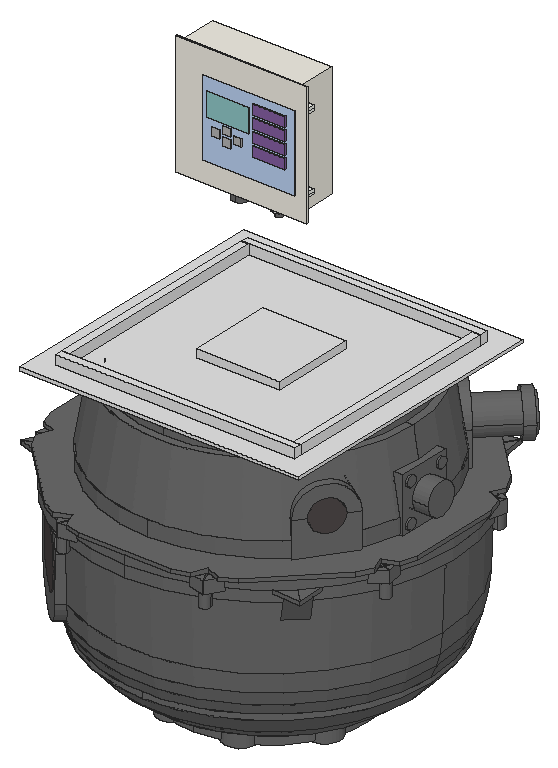
Revit family "280550x (200)", category Generic Models, Revit 2021
Family settings
  Can host rebar = No
  Round Connector Dimension = Use Diameter
  Part Type = Normal
  Work Plane-Based = No
  Always vertical = Yes
  Cut with Voids When Loaded = No
  Shared = Yes
  Room Calculation Point = No
Parameters (values of type "280550X")
  SUPPLIER = "KESSEL"
  SA700ID50 = "internal"
  SA700ID49 = "Protection Class I"
  SA700ID48 = "no"
  SA700ID47 = "no"
  SA700ID46 = "yes"
  SA700ID37 = 8000 mm
  SA700ID34 = 12
  SA700ID33 = 0.5 W
  SA700ID32 = 16.86 kg
  SA700ID31 = 1
  SA700ID30 = 1
  SA700ID29 = "RWDR"
  SA700ID21 = 800
  SA700ID10 = "No"
  SA700ID08 = 230 V
  PROCUREWEBLINK = "https://p.caden.as/kessel/280550X"
  PROCURELINK = "p.caden.as/kessel/280550X"
  PROCUREDATALASTUPDATE = "2024-05-22T12:17:24.687223417+01:00"
  PRC_SPECIFICATIONLINK = "https://ausschreiben.de/catalog/kessel/catalogItem/c423d403-c8be-41f1-af6b-9a60d9417f8c"
  NN = "Lifting station Aqualift S compact"
  NBSYN = "$SA810ID03. ($LODLEVEL.)"
  NB = "280550X (200)"
  Model = "280550X"
  Manufacturer = "KESSEL"
  MIdent = "{$CADENAS_DATA/23d-libs/kessel/kessel_vdi_import/4/entwaesserung/hebeanlage20aqualift20s20compact.prj},216 {STYP=ASS},{VTYP=3D},{NB=280550X (200)},{LINA=280550X},{NN=Lifting station Aqualift S compact},{DATE=21.11.2022 10:40:35},{GEOMDATE=21.11.2022 10:40:35},{VERSION=},{LINEID=150},{WBVAR=LODLEVEL},{WBNUMERIC=LODLEVEL}  {NB=280550X (200)},{LINA=280550X},{KT=DUMMY},{PREVIEW=../../bilder/ksb_w_280550x.png},{SA700ID04=Hebeanlage Aqualift S Compact, Tronic, GTF 500, Bodenplatte, befliesbar},{SA810ID06=04026092082638},{SA700ID34=12.00},{SA010ID03=201805},{SA810ID03=280550X},{SA810ID10=Die steckerfertige Hebeanlage für fäkalienfreies Abwasser ist mit einer überflutbaren Pumpe sowie einem Rückflussverhinderer ausgestattet. Der Sammelbehälter aus dauerhaft beständigem Kunststoff (PE) besitzt einen offenen Pumpenraum. Einhandverschlüsse ermöglichen die einfache Entnahme der integrierten Komponenten. Die Anlage zum Einbau in die Bodenplatte ist vormontiert zur bauseitigen Endmontage.Die Steuerung erfolgt durch ein anwenderfreundliches Schaltgerät, das optional über einen potentialfreien Kontakt in die Gebäudeleittechnik eingebunden werden oder Alarm- und Sammelstörmeldungen über eine GSM-Schnittstelle ausgeben kann.- mit teleskopischem Aufsatzstück für stufenlosen Höhen- und Niveauausgleich und integriertem Bodenablauf- Sammelbehälter aus PE, beständig gegen aggressive Abwässer und 3 m Grundwasser- inklusive Rückflussverhinderer für die Druckleitung- inklusive Stutzen für Zulauf und Kabelleerrohr- Pumpe mit Freistromrad für höchste BetriebssicherheitAusführung:Anlagenart: EinzelanlagePumpensteuerung: SchaltgerätRückflussverhinderer: integriertAuslieferungszustand: installationsfertig (Verbindungsteile sind bauseits anzuschließen)Einbausituation: Einbau in die BodenplatteAbwasserart: fäkalienfreiAllgemeine Merkmale:Farbe: schwarzNorm: EN 12050-2Abmessungen:Länge: 617 mmBreite: 585 mmBehälter/Grundkörper:Zulauf Nennweite (DN): 100 mmDruckabgang (DN): 32 mmDruckabgang (DA): 40 mmEinbautiefe: 490 - 620 mmNutzvolumen: 20 lArt der Höhenverstellbarkeit: teleskopisches AufsatzstückAbdeckungsmerkmale:Abdeckungsart: befliesbare AbdeckplatteAbdeckung Material: KunststoffAbdeckung Farbe: silbergrauAblauffunktion: jaBodenbelaghöhe max.: 16 mmBelastungsklasse: K 3 (EN 1253-1)Länge: 366 mmBreite: 366 mmVerriegelung: Lock & LiftFreier Kugeldurchgang: 10 mmFördereinrichtung:Pumpe: GTF 500Anzahl Pumpen: 1Förderleistung max.: 10 m3/hFörderhöhe max.: 8 mBetriebsspannung: 230 VNetzfrequenz: 50 HzBetriebsart: S1Leistung P1: 0,6 kWLeistung P2: 0,36 kWDrehzahl: 2.800 U/minErforderliche Absicherung (Leitungsschutz): C 16 AFörderguttemperatur (dauerhaft) max.: 40 °CAnschlusstyp: codierter SteckerLaufrad Typ: FreistromradLänge Netzanschlussleitung Pumpe: 5 mNennstrom: 2,7 ASchutzart Pumpe: IP 68 (3m)Typ Anschlussleitung Pumpe: H07RN-F 3G 1,0 mm2Temperaturüberwachung: integriertSteuerung:Schaltgerät: ComfortBetriebsspannung: 230 VSelbstdiagnosesystem (SDS): jaBatteriepufferung: jaMehrzeilige Displayanzeige: jaLogbuchfunktion: jaUSB-Schnittstelle: jaGSM-Schnittstelle: jaPotentialfreier Kontakt: optionalSchutzart Schaltgerät: IP 54Länge Netzanschlussleitung Schaltgerät: 1,4 mArt Niveauerfassung: pneumatischInstrument Niveauerfassung: TauchrohrAlarmgeber: optische Sonde},{SA700ID37=8.00},{SA700ID33=0.50},{SA700ID08=230},{SA700ID30=1},{SA700ID32=16.86},{SA700ID49=Schutzklasse I},{SA700ID50=intern},{SA200ID03=6},{SA250ID03=vertikal},{SA260ID03=Trockenläuferpumpe},{SA350ID03=normalansaugend},{SA400ID03=E-Motor für Wechselstrom},{SA460ID03=direkt},{SA500ID03=Kunststoff, Edelstahl},{SA700ID06=32},{SA700ID07=100},{SA700ID09=1/N/PE 230V },{SA700ID10=Nein},{SA700ID11=50},{SA700ID12=IP 68},{SA700ID13=F},{SA700ID15=35},{SA700ID21=800.00},{SA700ID22=0.36},{SA700ID23=2800},{SA700ID24=2800},{SA700ID26=2.50},{SA700ID27=6.90},{SA700ID28=durchgehend},{SA700ID29=RWDR},{SA700ID31=1},{SA700ID46=ja},{SA700ID47=nein},{SA700ID48=nein},{SA110ID04=Hebeanlage Aqualift S Compact},{SA300ID03=einstufig},{SA700ID44=10.00},{SA700ID45=10.00},{SA010ID04=KESSEL AG},{LODLEVEL=200},{LINK=https://www.kessel.de/info?han=280550X},{SA970ID01=970},{SA970ID02=14063},{SA970ID03=280550X},{SA970ID04=11002617},{SA970ID05=QUAD},{SA970ID06=-326},{SA970ID07=-291.04},{SA970ID08=0},{SA970ID09=1},{SA970ID10=0},{SA970ID11=0},{SA970ID12=0},{SA970ID13=1},{SA970ID14=0},{SA970ID15=617.04},{SA970ID16=582.09},{SA970ID17=488.5},{LODLEVEL_=200,'Low'},{LODLEVEL_DEU=200,'Low'},{LINK_=https://www.kessel.de/info?han=280550X},{LINK_DEU=https://www.kessel.de/info?han=280550X},{LODLEVEL_3DB=280550X_200},{DNIN1=100},{DNIN2=125},{DNIN3=100},{DNIN4=100},{DNOUT1=70},{DNOUT2=32},{ISD1=60},{ISD2=10},{ISD3=10},{SA010ID01=010},{SA010ID02=4},{SA010ID06=www.kessel.de},{SA010ID07=www.kessel.de},{SA010ID12=20180713},{SA010ID13=DEU},{SA010ID14=DE},{SA100ID01=100},{SA100ID02=4},{SA100ID04=Entwässerung},{SA110ID01=110},{SA110ID02=30},{SA200ID01=200},{SA200ID02=6},{SA250ID01=250},{SA250ID02=2},{SA260ID01=260},{SA260ID02=2},{SA300ID01=300},{SA300ID02=1},{SA350ID01=350},{SA350ID02=1},{SA400ID01=400},{SA400ID02=1},{SA460ID01=460},{SA460ID02=1},{SA500ID01=500},{SA500ID02=1},{SA700ID01=700},{SA700ID02=196},{SA700ID10_=0},{SA700ID16=0},{SA700ID25=0},{SA700ID46_=1},{SA700ID47_=0},{SA700ID48_=0},{SA700ID49_=1},{SA700ID50_=2},{SA800ID01=800},{SA800ID02=11},{SA810ID01=810},{SA810ID02=196},{SA810ID04=280550X},{SA810ID07=196},{SA810ID09=1},{SA810ID14=PCE},{SA810ID15=1},{SA810ID16=NMP},{SA960ID03=196},{SA960ID04=3L},{SA960ID08=https://www.kessel.de/info?han=280550X},{SA010ID08=4026092000007},{SA100ID05=Hebeanlage},{SA110ID06=Hebeanlage}"
  LINK = "https://www.kessel.de/info?han=280550X"
  LINA = "280550X"
  Default Elevation = 0 mm
  CREATOR = "CADENAS GmbH"
  CATALOG = "KESSEL"
  BOMINFO = "LINA"
  ARTICLENO = "NB"
  4.810.00.9 Order quantity (multiplicator) = "1"
  4.810.00.7 Media- connection number = "196"
  4.810.00.6 GTIN number = "04026092082638"
  4.810.00.4 DATANORM number = "280550X"
  4.810.00.3 Producer order number = "280550X"
  4.710.03.7 Mass (net) = 16.86 kg
  4.710.03.6 Height = 490 mm
  4.710.03.5 Width = 580 mm
  4.710.03.4 Length = 620 mm
  4.710.03.3 Type of dimensions = "2"
  4.710.02.8 Area of application of wastewater pump = "2"
  4.710.02.6 Duty type = "S1"
  4.710.02.5 Cutting device = "0"
  4.710.02.4 Attached pump control = "1"
  4.710.02.3 Free passage = 10 mm
  4.710.01.6 Option to connect to building automation = "10"
  4.710.01.5 Load regulation = "0"
  4.710.01.4 Designation of closed-loop control = "20"
  4.700.00.9 Voltage = 0
  4.700.00.8 Nominal connection size on suction side = "100"
  4.700.00.7 Nominal connection size on pressure side = "100"
  4.700.00.6 Type of connection = "32"
  4.700.00.4 Product indentification = "Hebeanlage Aqualift S Compact, Tronic, GTF 500, Bodenplatte, befliesbar"
  4.700.00.28 Motor pump shaft = "durchgehend"
  4.700.00.27 Starting current = 6.9
  4.700.00.26 Maximum power consumption per pump / drive = 2.5
  4.700.00.25 Minimum speed at internal speed adjustment = 0
  4.700.00.24 Nominal speed / maximum speed n = 46.6667
  4.700.00.23 Nominal speed of motor = 46.6667
  4.700.00.22 Maximum shaft output (P2) per pump/drive = 0.36 W
  4.700.00.16 Maximum temperature of pumped medium = 0 °C
  4.700.00.15 Increased safety class = "35 °C"
  4.700.00.13 Type of protection = "F"
  4.700.00.12 Frequency = 0
  4.700.00.11 Stern-/Dreieck-Anlaufschaltung bei Dreiphasenanschluss oder Drehstrom = "50 Hz"
  4.700.00.10 Phase = "0"
  4.500.00.3 Variant / Variant type / Accessories-name = "Kunststoff, Edelstahl"
  4.460.00.3 Variant / Variant type / Accessories-name = "direkt"
  4.400.00.3 Variant / Variant type / Accessories-name = "E-Motor für Wechselstrom"
  4.350.00.3 Variant / Variant type / Accessories-name = "normalansaugend"
  4.300.00.3 Variant / Variant type / Accessories-name = "einstufig"
  4.260.00.3 Variant / Variant type / Accessories-name = "Trockenläuferpumpe"
  4.250.00.3 Variant / Variant type / Accessories-name = "vertikal"
  4.200.00.3 Variant / Variant type / Accessories-name = "6"
  4.110.00.6 Product classification = "Hebeanlage"
  4.110.00.4 Product indentification = "Hebeanlage Aqualift S Compact"
  4.100.00.5 Main groups of wares = "Hebeanlage"
  4.100.00.4 Product indentification = "Entwässerung"
  4.010.00.8 Producer ID number = "4026092000007"
  4.010.00.7 Comment = "www.kessel.de"
  4.010.00.6 Web address of the manufacturer = "www.kessel.de"
  4.010.00.4 Manufacturer name = "KESSEL AG"
  4.010.00.3 Date of issuance (month) of guideline = "201805"
  4.010.00.2 Sheet number of the guideline = "4"
  4.010.00.14 Kennungen der Projektländer, für die die Datei gültig ist = "DE"
  4.010.00.13 Sprache der Datei = "DEU"
  4.010.00.12 Stand des Herstellerkatalogs = "20180713"
Reference planes
  plane 1 "Center (Front/Back)": y = 0
  plane 2: z = 0
  plane 3 "Center (Left/Right)": x = 0
Forms (mm)
  Extrusion 1, void
    sketch origin (-161, 217, 518.2) x (0, 1, 0) y (-1, 0, 0)
      loop
        line (-0.5, -0.5) -> (0.5, -0.5) -> (0.5, 0.5) -> (-0.5, 0.5) -> (-0.5, -0.5)
    from 0 to 1
  Extrusion 2, void
    sketch origin (-197.283, 197.283, 209) x (-0.707107, -0.707107, 0) y (0, 0, -1)
      loop
        line (-0.5, -0.5) -> (0.5, -0.5) -> (0.5, 0.5) -> (-0.5, 0.5) -> (-0.5, -0.5)
    from 0 to 1
  Extrusion 3, void
    sketch origin (-197.283, -197.283, 209) x (0.707107, -0.707107, 0) y (0, 0, -1)
      loop
        line (-0.5, -0.5) -> (0.5, -0.5) -> (0.5, 0.5) -> (-0.5, 0.5) -> (-0.5, -0.5)
    from 0 to 1
  Extrusion 4, void
    sketch origin (-247, 0, 370) x (0, -1, 0) y (0, 0, -1)
      loop
        line (-0.5, -0.5) -> (0.5, -0.5) -> (0.5, 0.5) -> (-0.5, 0.5) -> (-0.5, -0.5)
    from 0 to 1
  Extrusion 5, void
    sketch origin (242.226, 228.084, 376) x (-0.707107, 0.707107, 0) y (0, 0, -1)
      loop
        line (-0.5, -0.5) -> (0.5, -0.5) -> (0.5, 0.5) -> (-0.5, 0.5) -> (-0.5, -0.5)
    from 0 to 1
  Extrusion 6, void
    sketch origin (242.226, 228.084, 364) x (-0.707107, 0.707107, 0) y (0, 0, -1)
      loop
        line (-0.5, -0.5) -> (0.5, -0.5) -> (0.5, 0.5) -> (-0.5, 0.5) -> (-0.5, -0.5)
    from 0 to 1
  Extrusion 7, void
    sketch origin (228.084, 242.226, 376) x (-0.707107, 0.707107, 0) y (0, 0, -1)
      loop
        line (-0.5, -0.5) -> (0.5, -0.5) -> (0.5, 0.5) -> (-0.5, 0.5) -> (-0.5, -0.5)
    from 0 to 1
  Extrusion 8, void
    sketch origin (228.084, 242.226, 364) x (-0.707107, 0.707107, 0) y (0, 0, -1)
      loop
        line (-0.5, -0.5) -> (0.5, -0.5) -> (0.5, 0.5) -> (-0.5, 0.5) -> (-0.5, -0.5)
    from 0 to 1
Dimensions and locks
  locked: plane 2 to Extrusion 1 at 519.2
  locked: plane 2 to Extrusion 1 at 518.2
  locked: plane 2 to Extrusion 2 at 208.5
  locked: plane 2 to Extrusion 2 at 209.5
  locked: plane 2 to Extrusion 3 at 208.5
  locked: plane 2 to Extrusion 3 at 209.5
  locked: plane 2 to Extrusion 4 at 369.5
  locked: plane 2 to Extrusion 4 at 370.5
  locked: plane 2 to Extrusion 5 at 375.5
  locked: plane 2 to Extrusion 5 at 376.5
  locked: plane 2 to Extrusion 6 at 363.5
  locked: plane 2 to Extrusion 6 at 364.5
  locked: plane 2 to Extrusion 7 at 375.5
  locked: plane 2 to Extrusion 7 at 376.5
  locked: plane 2 to Extrusion 8 at 363.5
  locked: plane 2 to Extrusion 8 at 364.5
  aligned and locked: level to plane 2
Nested families
  nested 1: "280550x (200)_content" at (0, 0, 0), type "280550X (200)_Content"
  nested 2: "280550x (200)_part1_X0Y0" at (-194, 244.5, 558), type "280550X_PART1_X0Y0"
  nested 3: "280550x (200)_part2_X0Y0" at (0, 0, 0), type "280550X_PART2_X0Y0"
Connectors
  electrical at (-257.5, 217, 524.5)
    settings: on nested 2, index 1, voltage 0 V, apparent load 0 VA, apparent load phase1 0 VA, apparent load phase2 0 VA, apparent load phase3 0 VA, power factor 1, load classification "Other", number of poles 1, system type 31, power factor state 1, is connector primary yes, connector utility no, sub classification motor no, connector description ""
  electrical at (-223, 217, 521)
    settings: on nested 2, index 2, voltage 0 V, apparent load 0 VA, apparent load phase1 0 VA, apparent load phase2 0 VA, apparent load phase3 0 VA, power factor 1, load classification "Other", number of poles 1, system type 31, power factor state 1, is connector primary no, connector utility no, sub classification motor no, connector description ""
  electrical at (-189, 217, 530.9)
    settings: on nested 2, index 3, voltage 0 V, apparent load 0 VA, apparent load phase1 0 VA, apparent load phase2 0 VA, apparent load phase3 0 VA, power factor 1, load classification "Other", number of poles 1, system type 31, power factor state 1, is connector primary no, connector utility no, sub classification motor no, connector description ""
  electrical at (-161, 217, 518.2)
    settings: on Extrusion 1, index 4, voltage 0 V, apparent load 0 VA, apparent load phase1 0 VA, apparent load phase2 0 VA, apparent load phase3 0 VA, power factor 1, load classification "Other", number of poles 1, system type 31, power factor state 1, is connector primary no, connector utility no, sub classification motor no, connector description ""
  electrical at (-136.5, 217, 557.2)
    settings: on nested 2, index 5, voltage 0 V, apparent load 0 VA, apparent load phase1 0 VA, apparent load phase2 0 VA, apparent load phase3 0 VA, power factor 1, load classification "Other", number of poles 1, system type 31, power factor state 1, is connector primary no, connector utility no, sub classification motor no, connector description ""
  electrical at (-114.5, 217, 557.2)
    settings: on nested 2, index 6, voltage 0 V, apparent load 0 VA, apparent load phase1 0 VA, apparent load phase2 0 VA, apparent load phase3 0 VA, power factor 1, load classification "Other", number of poles 1, system type 31, power factor state 1, is connector primary no, connector utility no, sub classification motor no, connector description ""
  piping at (-326, 0, 209), diameter 125
    settings: on nested 3, index 7, connector inside diameter 609.6 mm, connector length 0 mm, flow factor 0, pipe flow 0.0 L/s, pressure drop 0.0 Pa, fitting loss kfactor 0, connector angle 0.00°, fixture units 0, engagement length 0 mm, angle of deflection 0.00°, flow configuration 0, flow direction 1, fitting loss method 2, system type 29, joint type 0, gender type 0, connector reference index -1, connector utility 0, adjustable connector no, is connector primary yes, connector description ""
  piping at (-197.283, 197.283, 209), diameter 100
    settings: on Extrusion 2, index 8, connector inside diameter 609.6 mm, connector length 0 mm, flow factor 0, pipe flow 0.0 L/s, pressure drop 0.0 Pa, fitting loss kfactor 0, connector angle 0.00°, fixture units 0, engagement length 0 mm, angle of deflection 0.00°, flow configuration 0, flow direction 0, fitting loss method 2, system type 29, joint type 0, gender type 0, connector reference index -1, connector utility 0, adjustable connector no, is connector primary no, connector description ""
  piping at (-197.283, -197.283, 209), diameter 100
    settings: on Extrusion 3, index 9, connector inside diameter 609.6 mm, connector length 0 mm, flow factor 0, pipe flow 0.0 L/s, pressure drop 0.0 Pa, fitting loss kfactor 0, connector angle 0.00°, fixture units 0, engagement length 0 mm, angle of deflection 0.00°, flow configuration 0, flow direction 0, fitting loss method 2, system type 29, joint type 0, gender type 0, connector reference index -1, connector utility 0, adjustable connector no, is connector primary no, connector description ""
  piping at (-247, 0, 370), diameter 70
    settings: on Extrusion 4, index 10, connector inside diameter 609.6 mm, connector length 0 mm, flow factor 0, pipe flow 0.0 L/s, pressure drop 0.0 Pa, fitting loss kfactor 0, connector angle 0.00°, fixture units 0, engagement length 0 mm, angle of deflection 0.00°, flow configuration 0, flow direction 0, fitting loss method 2, system type 29, joint type 0, gender type 0, connector reference index -1, connector utility 0, adjustable connector no, is connector primary no, connector description ""
  piping at (272.5, -3, 363.25), diameter 32
    settings: on nested 3, index 11, connector inside diameter 609.6 mm, connector length 0 mm, flow factor 0, pipe flow 0.0 L/s, pressure drop 0.0 Pa, fitting loss kfactor 0, connector angle 0.00°, fixture units 0, engagement length 0 mm, angle of deflection 0.00°, flow configuration 0, flow direction 2, fitting loss method 2, system type 29, joint type 0, gender type 0, connector reference index -1, connector utility 0, adjustable connector no, is connector primary no, connector description ""
  electrical at (242.226, 228.084, 376)
    settings: on Extrusion 5, index 12, voltage 0 V, apparent load 0 VA, apparent load phase1 0 VA, apparent load phase2 0 VA, apparent load phase3 0 VA, power factor 1, load classification "Other", number of poles 1, system type 31, power factor state 1, is connector primary no, connector utility no, sub classification motor no, connector description ""
  electrical at (242.226, 228.084, 364)
    settings: on Extrusion 6, index 13, voltage 0 V, apparent load 0 VA, apparent load phase1 0 VA, apparent load phase2 0 VA, apparent load phase3 0 VA, power factor 1, load classification "Other", number of poles 1, system type 31, power factor state 1, is connector primary no, connector utility no, sub classification motor no, connector description ""
  electrical at (228.084, 242.226, 376)
    settings: on Extrusion 7, index 14, voltage 0 V, apparent load 0 VA, apparent load phase1 0 VA, apparent load phase2 0 VA, apparent load phase3 0 VA, power factor 1, load classification "Other", number of poles 1, system type 31, power factor state 1, is connector primary no, connector utility no, sub classification motor no, connector description ""
  electrical at (228.084, 242.226, 364)
    settings: on Extrusion 8, index 15, voltage 0 V, apparent load 0 VA, apparent load phase1 0 VA, apparent load phase2 0 VA, apparent load phase3 0 VA, power factor 1, load classification "Other", number of poles 1, system type 31, power factor state 1, is connector primary no, connector utility no, sub classification motor no, connector description ""
Definition of nested family "280550x (200)_part1_X0Y0"
  Parameters (values of type "280550X_PART1_X0Y0")
    SUPPLIER = "KESSEL"
    SA700ID50 = "internal"
    SA700ID49 = "Protection Class I"
    SA700ID48 = "no"
    SA700ID47 = "no"
    SA700ID46 = "yes"
    SA700ID37 = 8000 mm
    SA700ID34 = 12
    SA700ID33 = 0.5 W
    SA700ID32 = 16.86 kg
    SA700ID31 = 1
    SA700ID30 = 1
    SA700ID29 = "RWDR"
    SA700ID21 = 800
    SA700ID10 = "No"
    SA700ID08 = 230 V
    NBSYN = "$SA810ID03. ($LODLEVEL.)_PART1"
    NB = "280550X (200)_PART1"
    Model = "280550X_PART1"
    Manufacturer = "KESSEL"
    MIdent = "{$CADENAS_DATA/23d-libs/kessel/kessel_vdi_import/4/entwaesserung/hebeanlage20aqualift20s20compact.prj},236 {VTYP=3D},{NB=280550X (200)_PART1},{LINA=280550X_PART1},{NN=Lifting station Aqualift S compact_PART1},{NOPRJ=TRUE},{DATE=21.11.2022 10:40:35},{GEOMDATE=21.11.2022 10:40:35},{VERSION=},{LINEID=150},{WBVAR=LODLEVEL},{WBNUMERIC=LODLEVEL}  {NB=280550X (200)_PART1},{LINA=280550X_PART1},{KT=DUMMY},{PREVIEW=../../bilder/ksb_w_280550x.png},{SA700ID04=Hebeanlage Aqualift S Compact, Tronic, GTF 500, Bodenplatte, befliesbar},{SA810ID06=04026092082638},{SA700ID34=12.00},{SA010ID03=201805},{SA810ID03=280550X},{SA810ID10=Die steckerfertige Hebeanlage für fäkalienfreies Abwasser ist mit einer überflutbaren Pumpe sowie einem Rückflussverhinderer ausgestattet. Der Sammelbehälter aus dauerhaft beständigem Kunststoff (PE) besitzt einen offenen Pumpenraum. Einhandverschlüsse ermöglichen die einfache Entnahme der integrierten Komponenten. Die Anlage zum Einbau in die Bodenplatte ist vormontiert zur bauseitigen Endmontage.Die Steuerung erfolgt durch ein anwenderfreundliches Schaltgerät, das optional über einen potentialfreien Kontakt in die Gebäudeleittechnik eingebunden werden oder Alarm- und Sammelstörmeldungen über eine GSM-Schnittstelle ausgeben kann.- mit teleskopischem Aufsatzstück für stufenlosen Höhen- und Niveauausgleich und integriertem Bodenablauf- Sammelbehälter aus PE, beständig gegen aggressive Abwässer und 3 m Grundwasser- inklusive Rückflussverhinderer für die Druckleitung- inklusive Stutzen für Zulauf und Kabelleerrohr- Pumpe mit Freistromrad für höchste BetriebssicherheitAusführung:Anlagenart: EinzelanlagePumpensteuerung: SchaltgerätRückflussverhinderer: integriertAuslieferungszustand: installationsfertig (Verbindungsteile sind bauseits anzuschließen)Einbausituation: Einbau in die BodenplatteAbwasserart: fäkalienfreiAllgemeine Merkmale:Farbe: schwarzNorm: EN 12050-2Abmessungen:Länge: 617 mmBreite: 585 mmBehälter/Grundkörper:Zulauf Nennweite (DN): 100 mmDruckabgang (DN): 32 mmDruckabgang (DA): 40 mmEinbautiefe: 490 - 620 mmNutzvolumen: 20 lArt der Höhenverstellbarkeit: teleskopisches AufsatzstückAbdeckungsmerkmale:Abdeckungsart: befliesbare AbdeckplatteAbdeckung Material: KunststoffAbdeckung Farbe: silbergrauAblauffunktion: jaBodenbelaghöhe max.: 16 mmBelastungsklasse: K 3 (EN 1253-1)Länge: 366 mmBreite: 366 mmVerriegelung: Lock & LiftFreier Kugeldurchgang: 10 mmFördereinrichtung:Pumpe: GTF 500Anzahl Pumpen: 1Förderleistung max.: 10 m3/hFörderhöhe max.: 8 mBetriebsspannung: 230 VNetzfrequenz: 50 HzBetriebsart: S1Leistung P1: 0,6 kWLeistung P2: 0,36 kWDrehzahl: 2.800 U/minErforderliche Absicherung (Leitungsschutz): C 16 AFörderguttemperatur (dauerhaft) max.: 40 °CAnschlusstyp: codierter SteckerLaufrad Typ: FreistromradLänge Netzanschlussleitung Pumpe: 5 mNennstrom: 2,7 ASchutzart Pumpe: IP 68 (3m)Typ Anschlussleitung Pumpe: H07RN-F 3G 1,0 mm2Temperaturüberwachung: integriertSteuerung:Schaltgerät: ComfortBetriebsspannung: 230 VSelbstdiagnosesystem (SDS): jaBatteriepufferung: jaMehrzeilige Displayanzeige: jaLogbuchfunktion: jaUSB-Schnittstelle: jaGSM-Schnittstelle: jaPotentialfreier Kontakt: optionalSchutzart Schaltgerät: IP 54Länge Netzanschlussleitung Schaltgerät: 1,4 mArt Niveauerfassung: pneumatischInstrument Niveauerfassung: TauchrohrAlarmgeber: optische Sonde},{SA700ID37=8.00},{SA700ID33=0.50},{SA700ID08=230},{SA700ID30=1},{SA700ID32=16.86},{SA700ID49=Schutzklasse I},{SA700ID50=intern},{SA200ID03=6},{SA250ID03=vertikal},{SA260ID03=Trockenläuferpumpe},{SA350ID03=normalansaugend},{SA400ID03=E-Motor für Wechselstrom},{SA460ID03=direkt},{SA500ID03=Kunststoff, Edelstahl},{SA700ID06=32},{SA700ID07=100},{SA700ID09=1/N/PE 230V },{SA700ID10=Nein},{SA700ID11=50},{SA700ID12=IP 68},{SA700ID13=F},{SA700ID15=35},{SA700ID21=800.00},{SA700ID22=0.36},{SA700ID23=2800},{SA700ID24=2800},{SA700ID26=2.50},{SA700ID27=6.90},{SA700ID28=durchgehend},{SA700ID29=RWDR},{SA700ID31=1},{SA700ID46=ja},{SA700ID47=nein},{SA700ID48=nein},{SA110ID04=Hebeanlage Aqualift S Compact},{SA300ID03=einstufig},{SA700ID44=10.00},{SA700ID45=10.00},{SA010ID04=KESSEL AG},{LODLEVEL=200},{LINK=https://www.kessel.de/info?han=280550X},{SA970ID01=970},{SA970ID02=14063},{SA970ID03=280550X},{SA970ID04=11002617},{SA970ID05=QUAD},{SA970ID06=-326},{SA970ID07=-291.04},{SA970ID08=0},{SA970ID09=1},{SA970ID10=0},{SA970ID11=0},{SA970ID12=0},{SA970ID13=1},{SA970ID14=0},{SA970ID15=617.04},{SA970ID16=582.09},{SA970ID17=488.5},{LODLEVEL_=200,'Low'},{LODLEVEL_DEU=200,'Low'},{LINK_=https://www.kessel.de/info?han=280550X},{LINK_DEU=https://www.kessel.de/info?han=280550X},{LODLEVEL_3DB=280550X_200},{DNIN1=100},{DNIN2=125},{DNIN3=100},{DNIN4=100},{DNOUT1=70},{DNOUT2=32},{ISD1=60},{ISD2=10},{ISD3=10},{SA010ID01=010},{SA010ID02=4},{SA010ID06=www.kessel.de},{SA010ID07=www.kessel.de},{SA010ID12=20180713},{SA010ID13=DEU},{SA010ID14=DE},{SA100ID01=100},{SA100ID02=4},{SA100ID04=Entwässerung},{SA110ID01=110},{SA110ID02=30},{SA200ID01=200},{SA200ID02=6},{SA250ID01=250},{SA250ID02=2},{SA260ID01=260},{SA260ID02=2},{SA300ID01=300},{SA300ID02=1},{SA350ID01=350},{SA350ID02=1},{SA400ID01=400},{SA400ID02=1},{SA460ID01=460},{SA460ID02=1},{SA500ID01=500},{SA500ID02=1},{SA700ID01=700},{SA700ID02=196},{SA700ID10_=0},{SA700ID16=0},{SA700ID25=0},{SA700ID46_=1},{SA700ID47_=0},{SA700ID48_=0},{SA700ID49_=1},{SA700ID50_=2},{SA800ID01=800},{SA800ID02=11},{SA810ID01=810},{SA810ID02=196},{SA810ID04=280550X},{SA810ID07=196},{SA810ID09=1},{SA810ID14=PCE},{SA810ID15=1},{SA810ID16=NMP},{SA960ID03=196},{SA960ID04=3L},{SA960ID08=https://www.kessel.de/info?han=280550X},{SA010ID08=4026092000007},{SA100ID05=Hebeanlage},{SA110ID06=Hebeanlage}"
    LINK = "https://www.kessel.de/info?han=280550X"
    LINA = "280550X_PART1"
    Default Elevation = 1219.2 mm
    CREATOR = "CADENAS GmbH"
    CATALOG = "KESSEL"
    BOMINFO = "LINA"
    ARTICLENO = "NB"
    4.810.00.9 Order quantity (multiplicator) = "1"
    4.810.00.7 Media- connection number = "196"
    4.810.00.6 GTIN number = "04026092082638"
    4.810.00.4 DATANORM number = "280550X"
    4.810.00.3 Producer order number = "280550X"
    4.710.03.7 Mass (net) = 16.86 kg
    4.710.03.6 Height = 490 mm
    4.710.03.5 Width = 580 mm
    4.710.03.4 Length = 620 mm
    4.710.03.3 Type of dimensions = "2"
    4.710.02.8 Area of application of wastewater pump = "2"
    4.710.02.6 Duty type = "S1"
    4.710.02.5 Cutting device = "0"
    4.710.02.4 Attached pump control = "1"
    4.710.02.3 Free passage = 10 mm
    4.710.01.6 Option to connect to building automation = "10"
    4.710.01.5 Load regulation = "0"
    4.710.01.4 Designation of closed-loop control = "20"
    4.700.00.9 Voltage = 0
    4.700.00.8 Nominal connection size on suction side = "100"
    4.700.00.7 Nominal connection size on pressure side = "100"
    4.700.00.6 Type of connection = "32"
    4.700.00.4 Product indentification = "Hebeanlage Aqualift S Compact, Tronic, GTF 500, Bodenplatte, befliesbar"
    4.700.00.28 Motor pump shaft = "durchgehend"
    4.700.00.27 Starting current = 6.9
    4.700.00.26 Maximum power consumption per pump / drive = 2.5
    4.700.00.25 Minimum speed at internal speed adjustment = 0
    4.700.00.24 Nominal speed / maximum speed n = 46.6667
    4.700.00.23 Nominal speed of motor = 46.6667
    4.700.00.22 Maximum shaft output (P2) per pump/drive = 0.36 W
    4.700.00.16 Maximum temperature of pumped medium = 0 °C
    4.700.00.15 Increased safety class = "35 °C"
    4.700.00.13 Type of protection = "F"
    4.700.00.12 Frequency = 0
    4.700.00.11 Stern-/Dreieck-Anlaufschaltung bei Dreiphasenanschluss oder Drehstrom = "50 Hz"
    4.700.00.10 Phase = "0"
    4.500.00.3 Variant / Variant type / Accessories-name = "Kunststoff, Edelstahl"
    4.460.00.3 Variant / Variant type / Accessories-name = "direkt"
    4.400.00.3 Variant / Variant type / Accessories-name = "E-Motor für Wechselstrom"
    4.350.00.3 Variant / Variant type / Accessories-name = "normalansaugend"
    4.300.00.3 Variant / Variant type / Accessories-name = "einstufig"
    4.260.00.3 Variant / Variant type / Accessories-name = "Trockenläuferpumpe"
    4.250.00.3 Variant / Variant type / Accessories-name = "vertikal"
    4.200.00.3 Variant / Variant type / Accessories-name = "6"
    4.110.00.6 Product classification = "Hebeanlage"
    4.110.00.4 Product indentification = "Hebeanlage Aqualift S Compact"
    4.100.00.5 Main groups of wares = "Hebeanlage"
    4.100.00.4 Product indentification = "Entwässerung"
    4.010.00.8 Producer ID number = "4026092000007"
    4.010.00.7 Comment = "www.kessel.de"
    4.010.00.6 Web address of the manufacturer = "www.kessel.de"
    4.010.00.4 Manufacturer name = "KESSEL AG"
    4.010.00.3 Date of issuance (month) of guideline = "201805"
    4.010.00.2 Sheet number of the guideline = "4"
    4.010.00.14 Kennungen der Projektländer, für die die Datei gültig ist = "DE"
    4.010.00.13 Sprache der Datei = "DEU"
    4.010.00.12 Stand des Herstellerkatalogs = "20180713"
  Reference planes
    plane 1 "Center (Front/Back)": y = 0
    plane 2: z = 0
    plane 3 "Center (Left/Right)": x = 0
  Dimensions and locks
    aligned and locked: level to plane 2
  Nested families
    nested 1: "280550x (200)_part1_content" at (0, 0, 0), type "280550X (200)_PART1_Content"
  Definition of nested family "280550x (200)_part1_content"
    Parameters (values of type "280550X (200)_PART1_Content")
      SUPPLIER = "KESSEL"
      SA700ID50 = "internal"
      SA700ID49 = "Protection Class I"
      SA700ID48 = "no"
      SA700ID47 = "no"
      SA700ID46 = "yes"
      SA700ID37 = 8000 mm
      SA700ID34 = 12
      SA700ID33 = 0.5 W
      SA700ID32 = 16.86 kg
      SA700ID31 = 1
      SA700ID30 = 1
      SA700ID29 = "RWDR"
      SA700ID21 = 800
      SA700ID10 = "No"
      SA700ID08 = 230 V
      NBSYN = "$SA810ID03. ($LODLEVEL.)_PART1"
      NB = "280550X (200)_PART1"
      Model = "280550X_PART1"
      Manufacturer = "KESSEL"
      LINK = "https://www.kessel.de/info?han=280550X"
      LINA = "280550X_PART1"
      Default Elevation = 1219.2 mm
      CREATOR = "CADENAS GmbH"
      CATALOG = "KESSEL"
      BOMINFO = "LINA"
      ARTICLENO = "NB"
      4.810.00.9 Order quantity (multiplicator) = "1"
      4.810.00.7 Media- connection number = "196"
      4.810.00.6 GTIN number = "04026092082638"
      4.810.00.4 DATANORM number = "280550X"
      4.810.00.3 Producer order number = "280550X"
      4.710.03.7 Mass (net) = 16.86 kg
      4.710.03.6 Height = 490 mm
      4.710.03.5 Width = 580 mm
      4.710.03.4 Length = 620 mm
      4.710.03.3 Type of dimensions = "2"
      4.710.02.8 Area of application of wastewater pump = "2"
      4.710.02.6 Duty type = "S1"
      4.710.02.5 Cutting device = "0"
      4.710.02.4 Attached pump control = "1"
      4.710.02.3 Free passage = 10 mm
      4.710.01.6 Option to connect to building automation = "10"
      4.710.01.5 Load regulation = "0"
      4.710.01.4 Designation of closed-loop control = "20"
      4.700.00.9 Voltage = 0
      4.700.00.8 Nominal connection size on suction side = "100"
      4.700.00.7 Nominal connection size on pressure side = "100"
      4.700.00.6 Type of connection = "32"
      4.700.00.4 Product indentification = "Hebeanlage Aqualift S Compact, Tronic, GTF 500, Bodenplatte, befliesbar"
      4.700.00.28 Motor pump shaft = "durchgehend"
      4.700.00.27 Starting current = 6.9
      4.700.00.26 Maximum power consumption per pump / drive = 2.5
      4.700.00.25 Minimum speed at internal speed adjustment = 0
      4.700.00.24 Nominal speed / maximum speed n = 46.6667
      4.700.00.23 Nominal speed of motor = 46.6667
      4.700.00.22 Maximum shaft output (P2) per pump/drive = 0.36 W
      4.700.00.16 Maximum temperature of pumped medium = 0 °C
      4.700.00.15 Increased safety class = "35 °C"
      4.700.00.13 Type of protection = "F"
      4.700.00.12 Frequency = 0
      4.700.00.11 Stern-/Dreieck-Anlaufschaltung bei Dreiphasenanschluss oder Drehstrom = "50 Hz"
      4.700.00.10 Phase = "0"
      4.500.00.3 Variant / Variant type / Accessories-name = "Kunststoff, Edelstahl"
      4.460.00.3 Variant / Variant type / Accessories-name = "direkt"
      4.400.00.3 Variant / Variant type / Accessories-name = "E-Motor für Wechselstrom"
      4.350.00.3 Variant / Variant type / Accessories-name = "normalansaugend"
      4.300.00.3 Variant / Variant type / Accessories-name = "einstufig"
      4.260.00.3 Variant / Variant type / Accessories-name = "Trockenläuferpumpe"
      4.250.00.3 Variant / Variant type / Accessories-name = "vertikal"
      4.200.00.3 Variant / Variant type / Accessories-name = "6"
      4.110.00.6 Product classification = "Hebeanlage"
      4.110.00.4 Product indentification = "Hebeanlage Aqualift S Compact"
      4.100.00.5 Main groups of wares = "Hebeanlage"
      4.100.00.4 Product indentification = "Entwässerung"
      4.010.00.8 Producer ID number = "4026092000007"
      4.010.00.7 Comment = "www.kessel.de"
      4.010.00.6 Web address of the manufacturer = "www.kessel.de"
      4.010.00.4 Manufacturer name = "KESSEL AG"
      4.010.00.3 Date of issuance (month) of guideline = "201805"
      4.010.00.2 Sheet number of the guideline = "4"
      4.010.00.14 Kennungen der Projektländer, für die die Datei gültig ist = "DE"
      4.010.00.13 Sprache der Datei = "DEU"
      4.010.00.12 Stand des Herstellerkatalogs = "20180713"
    Reference planes
      plane 1 "Center (Front/Back)": y = 0
      plane 2: z = 0
      plane 3 "Center (Left/Right)": x = 0
    Forms (mm)
      Extrusion 1, solid, detail levels medium+fine
        sketch origin (94.5, 0, 0) x (0, -1, 0) y (0, 0, 1)
          loop
            line (0, 181) -> (0, 0) -> (66, 0) -> (66, 181) -> (0, 181)
        from 0 to 189
      Extrusion 2, solid, detail levels medium+fine
        sketch origin (108.5, -66, -7) x (0, -1, 0) y (0, 0, 1)
          loop
            line (0, 194) -> (0, 0) -> (2, 0) -> (2, 194) -> (0, 194)
        from 0 to 208
      Extrusion 3, solid, detail levels medium+fine
        sketch origin (90, -68, 26.5) x (0, -1, 0) y (0, 0, 1)
          loop
            line (-1.25, 120) -> (-1.25, 0) -> (0.25, 0) -> (0.25, 120) -> (-1.25, 120)
        from 0 to 146
      Extrusion 4, solid, detail levels medium+fine
        sketch origin (5.5, -68.25, 66) x (0, -1, 0) y (0, 0, 1)
          loop
            line (-1, 12) -> (-1, 0) -> (0.5, 0) -> (0.5, 12) -> (-1, 12)
        from 0 to 12
      Extrusion 5, solid, detail levels medium+fine
        sketch origin (76.25, -68.25, 79) x (0, -1, 0) y (0, 0, 1)
          loop
            line (0, 16) -> (0, 0) -> (1.75, 0) -> (1.75, 16) -> (0, 16)
        from 0 to 51
      Extrusion 6, solid, detail levels medium+fine
        sketch origin (-11.75, -68.25, 74) x (0, -1, 0) y (0, 0, 1)
          loop
            line (-1, 12) -> (-1, 0) -> (0.5, 0) -> (0.5, 12) -> (-1, 12)
        from 0 to 12
      Extrusion 7, solid, detail levels medium+fine
        sketch origin (76.25, -68.25, 59) x (0, -1, 0) y (0, 0, 1)
          loop
            line (0, 16) -> (0, 0) -> (1.75, 0) -> (1.75, 16) -> (0, 16)
        from 0 to 51
      Extrusion 8, solid, detail levels medium+fine
        sketch origin (17.4, -68.25, 89.5) x (0, -1, 0) y (0, 0, 1)
          loop
            line (-1, 37) -> (-1, 0) -> (0.5, 0) -> (0.5, 37) -> (-1, 37)
        from 0 to 66
      Extrusion 9, solid, detail levels medium+fine
        sketch origin (76.25, -68.25, 99) x (0, -1, 0) y (0, 0, 1)
          loop
            line (0, 16) -> (0, 0) -> (1.75, 0) -> (1.75, 16) -> (0, 16)
        from 0 to 51
      Extrusion 10, solid, detail levels medium+fine
        sketch origin (-11.75, -68.25, 57.5) x (0, -1, 0) y (0, 0, 1)
          loop
            line (-1, 12) -> (-1, 0) -> (0.5, 0) -> (0.5, 12) -> (-1, 12)
        from 0 to 12
      Extrusion 11, solid, detail levels medium+fine
        sketch origin (76.25, -68.25, 119) x (0, -1, 0) y (0, 0, 1)
          loop
            line (0, 16) -> (0, 0) -> (1.75, 0) -> (1.75, 16) -> (0, 16)
        from 0 to 51
      Extrusion 12, solid, detail levels medium+fine
        sketch origin (-29, -68.25, 66) x (0, -1, 0) y (0, 0, 1)
          loop
            line (-1, 12) -> (-1, 0) -> (0.5, 0) -> (0.5, 12) -> (-1, 12)
        from 0 to 12
      Extrusion 13, solid, detail levels medium+fine
        sketch origin (5, -27.5, 0) x (1, 0, 0) y (0, -1, 0)
          loop
            circle (0, 0) r 11
        from 0 to 17.3
      Extrusion 14, solid, detail levels medium+fine
        sketch origin (5, -27.5, -16.3) x (1, 0, 0) y (0, -1, 0)
          loop
            circle (0, 0) r 8.65
        from 0 to 10.8
      Extrusion 15, solid, detail levels medium+fine
        sketch origin (-29, -27.5, 0) x (1, 0, 0) y (0, -1, 0)
          loop
            circle (0, 0) r 11.4
        from 0 to 9
      Extrusion 16, solid, detail levels medium+fine
        sketch origin (-29, -27.5, -9) x (1, 0, 0) y (0, -1, 0)
          loop
            circle (0, 0) r 11.75
        from 0 to 28
      Extrusion 17, solid, detail levels medium+fine
        sketch origin (33, -27.5, 0) x (1, 0, 0) y (0, -1, 0)
          loop
            circle (0, 0) r 11
        from 0 to 11
      Extrusion 18, solid, detail levels medium+fine
        sketch origin (33, -27.5, -11) x (1, 0, 0) y (0, -1, 0)
          loop
            circle (0, 0) r 11
        from 0 to 19.8
      Extrusion 19, solid, detail levels medium+fine
        sketch origin (33, -27.5, -29.8) x (1, 0, 0) y (0, -1, 0)
          loop
            circle (0, 0) r 6
        from 0 to 9
      Extrusion 20, solid, detail levels medium+fine
        sketch origin (57.5, -27.5, 2) x (1, 0, 0) y (0, -1, 0)
          loop
            circle (0, 0) r 10
        from 0 to 2.8
      Extrusion 21, solid, detail levels medium+fine
        sketch origin (106.5, -50, 145) x (0, -1, 0) y (0, 0, 1)
          loop
            line (0, 4) -> (0, 0) -> (16, 0) -> (16, 4) -> (0, 4)
        from 0 to 12
      Extrusion 22, solid, detail levels medium+fine
        sketch origin (106.5, -50, 149) x (0, -1, 0) y (0, 0, 1)
          loop
            line (0, 4) -> (0, 0) -> (12, 0) -> (12, 4) -> (0, 4)
        from 0 to 16
      Extrusion 23, solid, detail levels medium+fine
        sketch origin (106.5, -50, 26) x (0, -1, 0) y (0, 0, 1)
          loop
            line (0, 4) -> (0, 0) -> (16, 0) -> (16, 4) -> (0, 4)
        from 0 to 12
      Extrusion 24, solid, detail levels medium+fine
        sketch origin (106.5, -50, 30) x (0, -1, 0) y (0, 0, 1)
          loop
            line (0, 4) -> (0, 0) -> (12, 0) -> (12, 4) -> (0, 4)
        from 0 to 16
      Extrusion 25, solid, detail levels medium+fine
        sketch origin (-63.5, -27.5, 0) x (1, 0, 0) y (0, -1, 0)
          loop
            circle (0, 0) r 11
        from 0 to 23.5
      Extrusion 26, solid, detail levels medium+fine
        sketch origin (-63.5, -27.5, -23.5) x (1, 0, 0) y (0, -1, 0)
          loop
            circle (0, 0) r 3
        from 0 to 10
      Extrusion 27, solid, detail levels medium+fine
        sketch origin (79.5, -27.5, 2) x (1, 0, 0) y (0, -1, 0)
          loop
            circle (0, 0) r 10
        from 0 to 2.8
      Extrusion 28, solid, detail levels coarse
        sketch origin (4.5, -35, -38.8) x (1, 0, 0) y (0, 1, 0)
          loop
            line (-104, -35) -> (104, -35) -> (104, 35) -> (-104, 35) -> (-104, -35)
        from 0 to 225.8
    Dimensions and locks
      aligned and locked: level to plane 2
Definition of nested family "280550x (200)_part2_X0Y0"
  Parameters (values of type "280550X_PART2_X0Y0")
    SUPPLIER = "KESSEL"
    SA700ID50 = "internal"
    SA700ID49 = "Protection Class I"
    SA700ID48 = "no"
    SA700ID47 = "no"
    SA700ID46 = "yes"
    SA700ID37 = 8000 mm
    SA700ID34 = 12
    SA700ID33 = 0.5 W
    SA700ID32 = 16.86 kg
    SA700ID31 = 1
    SA700ID30 = 1
    SA700ID29 = "RWDR"
    SA700ID21 = 800
    SA700ID10 = "No"
    SA700ID08 = 230 V
    NBSYN = "$SA810ID03. ($LODLEVEL.)_PART2"
    NB = "280550X (200)_PART2"
    Model = "280550X_PART2"
    Manufacturer = "KESSEL"
    MIdent = "{$CADENAS_DATA/23d-libs/kessel/kessel_vdi_import/4/entwaesserung/hebeanlage20aqualift20s20compact.prj},236 {VTYP=3D},{NB=280550X (200)_PART2},{LINA=280550X_PART2},{NN=Lifting station Aqualift S compact_PART2},{NOPRJ=TRUE},{DATE=21.11.2022 10:40:35},{GEOMDATE=21.11.2022 10:40:35},{VERSION=},{LINEID=150},{WBVAR=LODLEVEL},{WBNUMERIC=LODLEVEL}  {NB=280550X (200)_PART2},{LINA=280550X_PART2},{KT=DUMMY},{PREVIEW=../../bilder/ksb_w_280550x.png},{SA700ID04=Hebeanlage Aqualift S Compact, Tronic, GTF 500, Bodenplatte, befliesbar},{SA810ID06=04026092082638},{SA700ID34=12.00},{SA010ID03=201805},{SA810ID03=280550X},{SA810ID10=Die steckerfertige Hebeanlage für fäkalienfreies Abwasser ist mit einer überflutbaren Pumpe sowie einem Rückflussverhinderer ausgestattet. Der Sammelbehälter aus dauerhaft beständigem Kunststoff (PE) besitzt einen offenen Pumpenraum. Einhandverschlüsse ermöglichen die einfache Entnahme der integrierten Komponenten. Die Anlage zum Einbau in die Bodenplatte ist vormontiert zur bauseitigen Endmontage.Die Steuerung erfolgt durch ein anwenderfreundliches Schaltgerät, das optional über einen potentialfreien Kontakt in die Gebäudeleittechnik eingebunden werden oder Alarm- und Sammelstörmeldungen über eine GSM-Schnittstelle ausgeben kann.- mit teleskopischem Aufsatzstück für stufenlosen Höhen- und Niveauausgleich und integriertem Bodenablauf- Sammelbehälter aus PE, beständig gegen aggressive Abwässer und 3 m Grundwasser- inklusive Rückflussverhinderer für die Druckleitung- inklusive Stutzen für Zulauf und Kabelleerrohr- Pumpe mit Freistromrad für höchste BetriebssicherheitAusführung:Anlagenart: EinzelanlagePumpensteuerung: SchaltgerätRückflussverhinderer: integriertAuslieferungszustand: installationsfertig (Verbindungsteile sind bauseits anzuschließen)Einbausituation: Einbau in die BodenplatteAbwasserart: fäkalienfreiAllgemeine Merkmale:Farbe: schwarzNorm: EN 12050-2Abmessungen:Länge: 617 mmBreite: 585 mmBehälter/Grundkörper:Zulauf Nennweite (DN): 100 mmDruckabgang (DN): 32 mmDruckabgang (DA): 40 mmEinbautiefe: 490 - 620 mmNutzvolumen: 20 lArt der Höhenverstellbarkeit: teleskopisches AufsatzstückAbdeckungsmerkmale:Abdeckungsart: befliesbare AbdeckplatteAbdeckung Material: KunststoffAbdeckung Farbe: silbergrauAblauffunktion: jaBodenbelaghöhe max.: 16 mmBelastungsklasse: K 3 (EN 1253-1)Länge: 366 mmBreite: 366 mmVerriegelung: Lock & LiftFreier Kugeldurchgang: 10 mmFördereinrichtung:Pumpe: GTF 500Anzahl Pumpen: 1Förderleistung max.: 10 m3/hFörderhöhe max.: 8 mBetriebsspannung: 230 VNetzfrequenz: 50 HzBetriebsart: S1Leistung P1: 0,6 kWLeistung P2: 0,36 kWDrehzahl: 2.800 U/minErforderliche Absicherung (Leitungsschutz): C 16 AFörderguttemperatur (dauerhaft) max.: 40 °CAnschlusstyp: codierter SteckerLaufrad Typ: FreistromradLänge Netzanschlussleitung Pumpe: 5 mNennstrom: 2,7 ASchutzart Pumpe: IP 68 (3m)Typ Anschlussleitung Pumpe: H07RN-F 3G 1,0 mm2Temperaturüberwachung: integriertSteuerung:Schaltgerät: ComfortBetriebsspannung: 230 VSelbstdiagnosesystem (SDS): jaBatteriepufferung: jaMehrzeilige Displayanzeige: jaLogbuchfunktion: jaUSB-Schnittstelle: jaGSM-Schnittstelle: jaPotentialfreier Kontakt: optionalSchutzart Schaltgerät: IP 54Länge Netzanschlussleitung Schaltgerät: 1,4 mArt Niveauerfassung: pneumatischInstrument Niveauerfassung: TauchrohrAlarmgeber: optische Sonde},{SA700ID37=8.00},{SA700ID33=0.50},{SA700ID08=230},{SA700ID30=1},{SA700ID32=16.86},{SA700ID49=Schutzklasse I},{SA700ID50=intern},{SA200ID03=6},{SA250ID03=vertikal},{SA260ID03=Trockenläuferpumpe},{SA350ID03=normalansaugend},{SA400ID03=E-Motor für Wechselstrom},{SA460ID03=direkt},{SA500ID03=Kunststoff, Edelstahl},{SA700ID06=32},{SA700ID07=100},{SA700ID09=1/N/PE 230V },{SA700ID10=Nein},{SA700ID11=50},{SA700ID12=IP 68},{SA700ID13=F},{SA700ID15=35},{SA700ID21=800.00},{SA700ID22=0.36},{SA700ID23=2800},{SA700ID24=2800},{SA700ID26=2.50},{SA700ID27=6.90},{SA700ID28=durchgehend},{SA700ID29=RWDR},{SA700ID31=1},{SA700ID46=ja},{SA700ID47=nein},{SA700ID48=nein},{SA110ID04=Hebeanlage Aqualift S Compact},{SA300ID03=einstufig},{SA700ID44=10.00},{SA700ID45=10.00},{SA010ID04=KESSEL AG},{LODLEVEL=200},{LINK=https://www.kessel.de/info?han=280550X},{SA970ID01=970},{SA970ID02=14063},{SA970ID03=280550X},{SA970ID04=11002617},{SA970ID05=QUAD},{SA970ID06=-326},{SA970ID07=-291.04},{SA970ID08=0},{SA970ID09=1},{SA970ID10=0},{SA970ID11=0},{SA970ID12=0},{SA970ID13=1},{SA970ID14=0},{SA970ID15=617.04},{SA970ID16=582.09},{SA970ID17=488.5},{LODLEVEL_=200,'Low'},{LODLEVEL_DEU=200,'Low'},{LINK_=https://www.kessel.de/info?han=280550X},{LINK_DEU=https://www.kessel.de/info?han=280550X},{LODLEVEL_3DB=280550X_200},{DNIN1=100},{DNIN2=125},{DNIN3=100},{DNIN4=100},{DNOUT1=70},{DNOUT2=32},{ISD1=60},{ISD2=10},{ISD3=10},{SA010ID01=010},{SA010ID02=4},{SA010ID06=www.kessel.de},{SA010ID07=www.kessel.de},{SA010ID12=20180713},{SA010ID13=DEU},{SA010ID14=DE},{SA100ID01=100},{SA100ID02=4},{SA100ID04=Entwässerung},{SA110ID01=110},{SA110ID02=30},{SA200ID01=200},{SA200ID02=6},{SA250ID01=250},{SA250ID02=2},{SA260ID01=260},{SA260ID02=2},{SA300ID01=300},{SA300ID02=1},{SA350ID01=350},{SA350ID02=1},{SA400ID01=400},{SA400ID02=1},{SA460ID01=460},{SA460ID02=1},{SA500ID01=500},{SA500ID02=1},{SA700ID01=700},{SA700ID02=196},{SA700ID10_=0},{SA700ID16=0},{SA700ID25=0},{SA700ID46_=1},{SA700ID47_=0},{SA700ID48_=0},{SA700ID49_=1},{SA700ID50_=2},{SA800ID01=800},{SA800ID02=11},{SA810ID01=810},{SA810ID02=196},{SA810ID04=280550X},{SA810ID07=196},{SA810ID09=1},{SA810ID14=PCE},{SA810ID15=1},{SA810ID16=NMP},{SA960ID03=196},{SA960ID04=3L},{SA960ID08=https://www.kessel.de/info?han=280550X},{SA010ID08=4026092000007},{SA100ID05=Hebeanlage},{SA110ID06=Hebeanlage}"
    LINK = "https://www.kessel.de/info?han=280550X"
    LINA = "280550X_PART2"
    Default Elevation = 1219.2 mm
    CREATOR = "CADENAS GmbH"
    CATALOG = "KESSEL"
    BOMINFO = "LINA"
    ARTICLENO = "NB"
    4.810.00.9 Order quantity (multiplicator) = "1"
    4.810.00.7 Media- connection number = "196"
    4.810.00.6 GTIN number = "04026092082638"
    4.810.00.4 DATANORM number = "280550X"
    4.810.00.3 Producer order number = "280550X"
    4.710.03.7 Mass (net) = 16.86 kg
    4.710.03.6 Height = 490 mm
    4.710.03.5 Width = 580 mm
    4.710.03.4 Length = 620 mm
    4.710.03.3 Type of dimensions = "2"
    4.710.02.8 Area of application of wastewater pump = "2"
    4.710.02.6 Duty type = "S1"
    4.710.02.5 Cutting device = "0"
    4.710.02.4 Attached pump control = "1"
    4.710.02.3 Free passage = 10 mm
    4.710.01.6 Option to connect to building automation = "10"
    4.710.01.5 Load regulation = "0"
    4.710.01.4 Designation of closed-loop control = "20"
    4.700.00.9 Voltage = 0
    4.700.00.8 Nominal connection size on suction side = "100"
    4.700.00.7 Nominal connection size on pressure side = "100"
    4.700.00.6 Type of connection = "32"
    4.700.00.4 Product indentification = "Hebeanlage Aqualift S Compact, Tronic, GTF 500, Bodenplatte, befliesbar"
    4.700.00.28 Motor pump shaft = "durchgehend"
    4.700.00.27 Starting current = 6.9
    4.700.00.26 Maximum power consumption per pump / drive = 2.5
    4.700.00.25 Minimum speed at internal speed adjustment = 0
    4.700.00.24 Nominal speed / maximum speed n = 46.6667
    4.700.00.23 Nominal speed of motor = 46.6667
    4.700.00.22 Maximum shaft output (P2) per pump/drive = 0.36 W
    4.700.00.16 Maximum temperature of pumped medium = 0 °C
    4.700.00.15 Increased safety class = "35 °C"
    4.700.00.13 Type of protection = "F"
    4.700.00.12 Frequency = 0
    4.700.00.11 Stern-/Dreieck-Anlaufschaltung bei Dreiphasenanschluss oder Drehstrom = "50 Hz"
    4.700.00.10 Phase = "0"
    4.500.00.3 Variant / Variant type / Accessories-name = "Kunststoff, Edelstahl"
    4.460.00.3 Variant / Variant type / Accessories-name = "direkt"
    4.400.00.3 Variant / Variant type / Accessories-name = "E-Motor für Wechselstrom"
    4.350.00.3 Variant / Variant type / Accessories-name = "normalansaugend"
    4.300.00.3 Variant / Variant type / Accessories-name = "einstufig"
    4.260.00.3 Variant / Variant type / Accessories-name = "Trockenläuferpumpe"
    4.250.00.3 Variant / Variant type / Accessories-name = "vertikal"
    4.200.00.3 Variant / Variant type / Accessories-name = "6"
    4.110.00.6 Product classification = "Hebeanlage"
    4.110.00.4 Product indentification = "Hebeanlage Aqualift S Compact"
    4.100.00.5 Main groups of wares = "Hebeanlage"
    4.100.00.4 Product indentification = "Entwässerung"
    4.010.00.8 Producer ID number = "4026092000007"
    4.010.00.7 Comment = "www.kessel.de"
    4.010.00.6 Web address of the manufacturer = "www.kessel.de"
    4.010.00.4 Manufacturer name = "KESSEL AG"
    4.010.00.3 Date of issuance (month) of guideline = "201805"
    4.010.00.2 Sheet number of the guideline = "4"
    4.010.00.14 Kennungen der Projektländer, für die die Datei gültig ist = "DE"
    4.010.00.13 Sprache der Datei = "DEU"
    4.010.00.12 Stand des Herstellerkatalogs = "20180713"
  Reference planes
    plane 1 "Center (Front/Back)": y = 0
    plane 2: z = 0
    plane 3 "Center (Left/Right)": x = 0
  Dimensions and locks
    aligned and locked: level to plane 2
  Nested families
    nested 1: "280550x (200)_part2_content" at (0, 0, 0), type "280550X (200)_PART2_Content"
  Definition of nested family "280550x (200)_part2_content"
    Parameters (values of type "280550X (200)_PART2_Content")
      SUPPLIER = "KESSEL"
      SA700ID50 = "internal"
      SA700ID49 = "Protection Class I"
      SA700ID48 = "no"
      SA700ID47 = "no"
      SA700ID46 = "yes"
      SA700ID37 = 8000 mm
      SA700ID34 = 12
      SA700ID33 = 0.5 W
      SA700ID32 = 16.86 kg
      SA700ID31 = 1
      SA700ID30 = 1
      SA700ID29 = "RWDR"
      SA700ID21 = 800
      SA700ID10 = "No"
      SA700ID08 = 230 V
      NBSYN = "$SA810ID03. ($LODLEVEL.)_PART2"
      NB = "280550X (200)_PART2"
      Model = "280550X_PART2"
      Manufacturer = "KESSEL"
      LINK = "https://www.kessel.de/info?han=280550X"
      LINA = "280550X_PART2"
      Default Elevation = 1219.2 mm
      CREATOR = "CADENAS GmbH"
      CATALOG = "KESSEL"
      BOMINFO = "LINA"
      ARTICLENO = "NB"
      4.810.00.9 Order quantity (multiplicator) = "1"
      4.810.00.7 Media- connection number = "196"
      4.810.00.6 GTIN number = "04026092082638"
      4.810.00.4 DATANORM number = "280550X"
      4.810.00.3 Producer order number = "280550X"
      4.710.03.7 Mass (net) = 16.86 kg
      4.710.03.6 Height = 490 mm
      4.710.03.5 Width = 580 mm
      4.710.03.4 Length = 620 mm
      4.710.03.3 Type of dimensions = "2"
      4.710.02.8 Area of application of wastewater pump = "2"
      4.710.02.6 Duty type = "S1"
      4.710.02.5 Cutting device = "0"
      4.710.02.4 Attached pump control = "1"
      4.710.02.3 Free passage = 10 mm
      4.710.01.6 Option to connect to building automation = "10"
      4.710.01.5 Load regulation = "0"
      4.710.01.4 Designation of closed-loop control = "20"
      4.700.00.9 Voltage = 0
      4.700.00.8 Nominal connection size on suction side = "100"
      4.700.00.7 Nominal connection size on pressure side = "100"
      4.700.00.6 Type of connection = "32"
      4.700.00.4 Product indentification = "Hebeanlage Aqualift S Compact, Tronic, GTF 500, Bodenplatte, befliesbar"
      4.700.00.28 Motor pump shaft = "durchgehend"
      4.700.00.27 Starting current = 6.9
      4.700.00.26 Maximum power consumption per pump / drive = 2.5
      4.700.00.25 Minimum speed at internal speed adjustment = 0
      4.700.00.24 Nominal speed / maximum speed n = 46.6667
      4.700.00.23 Nominal speed of motor = 46.6667
      4.700.00.22 Maximum shaft output (P2) per pump/drive = 0.36 W
      4.700.00.16 Maximum temperature of pumped medium = 0 °C
      4.700.00.15 Increased safety class = "35 °C"
      4.700.00.13 Type of protection = "F"
      4.700.00.12 Frequency = 0
      4.700.00.11 Stern-/Dreieck-Anlaufschaltung bei Dreiphasenanschluss oder Drehstrom = "50 Hz"
      4.700.00.10 Phase = "0"
      4.500.00.3 Variant / Variant type / Accessories-name = "Kunststoff, Edelstahl"
      4.460.00.3 Variant / Variant type / Accessories-name = "direkt"
      4.400.00.3 Variant / Variant type / Accessories-name = "E-Motor für Wechselstrom"
      4.350.00.3 Variant / Variant type / Accessories-name = "normalansaugend"
      4.300.00.3 Variant / Variant type / Accessories-name = "einstufig"
      4.260.00.3 Variant / Variant type / Accessories-name = "Trockenläuferpumpe"
      4.250.00.3 Variant / Variant type / Accessories-name = "vertikal"
      4.200.00.3 Variant / Variant type / Accessories-name = "6"
      4.110.00.6 Product classification = "Hebeanlage"
      4.110.00.4 Product indentification = "Hebeanlage Aqualift S Compact"
      4.100.00.5 Main groups of wares = "Hebeanlage"
      4.100.00.4 Product indentification = "Entwässerung"
      4.010.00.8 Producer ID number = "4026092000007"
      4.010.00.7 Comment = "www.kessel.de"
      4.010.00.6 Web address of the manufacturer = "www.kessel.de"
      4.010.00.4 Manufacturer name = "KESSEL AG"
      4.010.00.3 Date of issuance (month) of guideline = "201805"
      4.010.00.2 Sheet number of the guideline = "4"
      4.010.00.14 Kennungen der Projektländer, für die die Datei gültig ist = "DE"
      4.010.00.13 Sprache der Datei = "DEU"
      4.010.00.12 Stand des Herstellerkatalogs = "20180713"
    Reference planes
      plane 1 "Center (Front/Back)": y = 0
      plane 2: z = 0
      plane 3 "Center (Left/Right)": x = 0
    Forms (mm)
      Extrusion 1, solid, detail levels medium+fine
        sketch origin (0, 0, 2) x (0, 1, 0) y (-1, 0, 0)
          loop
            circle (0, 0) r 153
        from 0 to 26.5
      Revolve 2, solid, detail levels medium+fine
        sketch origin (0, 0, 21) x (0, 0, 1) y (-1, 0, 0)
          loop
            line (0, 0) -> (16, 0) -> (16, 193) -> (0, 153) -> (0, 0)
          axis (16, 0) -> (0, 0)
        angle from -360 to 0
      Revolve 3, solid, detail levels medium+fine
        sketch origin (0, 0, 37) x (0, 0, 1) y (-1, 0, 0)
          loop
            line (0, 0) -> (24, 0) -> (24, 225) -> (0, 193) -> (0, 0)
          axis (24, 0) -> (0, 0)
        angle from -360 to 0
      Revolve 4, solid, detail levels medium+fine
        sketch origin (0, 0, 61) x (0, 0, 1) y (-1, 0, 0)
          loop
            line (0, 0) -> (33, 0) -> (33, 255) -> (0, 225) -> (0, 0)
          axis (33, 0) -> (0, 0)
        angle from -360 to 0
      Extrusion 5, solid, detail levels medium+fine
        sketch origin (0, 0, 94) x (0, 1, 0) y (-1, 0, 0)
          loop
            circle (0, 0) r 255
        from 0 to 9
      Revolve 6, solid, detail levels medium+fine
        sketch origin (0, 0, 103) x (0, 0, 1) y (-1, 0, 0)
          loop
            line (0, 0) -> (18, 0) -> (18, 263.5) -> (0, 255) -> (0, 0)
          axis (18, 0) -> (0, 0)
        angle from -360 to 0
      Revolve 7, solid, detail levels medium+fine
        sketch origin (0, 0, 121) x (0, 0, 1) y (-1, 0, 0)
          loop
            line (0, 0) -> (20, 0) -> (20, 269.5) -> (0, 263.5) -> (0, 0)
          axis (20, 0) -> (0, 0)
        angle from -360 to 0
      Revolve 8, solid, detail levels medium+fine
        sketch origin (0, 0, 141) x (0, 0, 1) y (-1, 0, 0)
          loop
            line (0, 0) -> (30, 0) -> (30, 272.75) -> (0, 269.5) -> (0, 0)
          axis (30, 0) -> (0, 0)
        angle from -360 to 0
      Revolve 9, solid, detail levels medium+fine
        sketch origin (0, 0, 171) x (0, 0, 1) y (-1, 0, 0)
          loop
            line (0, 0) -> (111, 0) -> (111, 277) -> (0, 272.75) -> (0, 0)
          axis (111, 0) -> (0, 0)
        angle from -360 to 0
      Extrusion 10, solid, detail levels medium+fine
        sketch origin (0, 0, 282) x (0, 1, 0) y (-1, 0, 0)
          loop
            circle (0, 0) r 290.5
        from 0 to 18
      Extrusion 11, solid, detail levels medium+fine
        sketch origin (0, 0, 300) x (0, 1, 0) y (-1, 0, 0)
          loop
            circle (0, 0) r 291
        from 0 to 14
      Extrusion 12, solid, detail levels medium+fine
        sketch origin (0, 0, 314) x (1, 0, 0) y (0, 1, 0)
          loop
            line (-291.044, -72.937) -> (-283.487, -98.291) -> (-260.422, -107.913) -> (-269.955, -130.928) -> (-257.458, -154.14) -> (-154.225, -257.373) -> (-130.953, -269.958) -> (-107.84, -260.453) -> (-98.307, -283.467) -> (-73.056, -291.044) -> (72.937, -291.044) -> (98.291, -283.487) -> (107.913, -260.422) -> (130.928, -269.955) -> (154.14, -257.458) -> (257.694, -153.632) -> (269.958, -130.953) -> (260.394, -107.864) -> (283.467, -98.307) -> (291.044, -73.056) -> (291.044, 72.937) -> (283.487, 98.291) -> (260.422, 107.913) -> (269.955, 130.928) -> (257.458, 154.14) -> (154.225, 257.373) -> (130.953, 269.958) -> (107.84, 260.453) -> (98.307, 283.467) -> (73.056, 291.044) -> (-72.937, 291.044) -> (-98.291, 283.487) -> (-107.913, 260.422) -> (-130.928, 269.955) -> (-154.14, 257.458) -> (-257.373, 154.225) -> (-269.958, 130.953) -> (-260.453, 107.84) -> (-283.467, 98.307) -> (-291.044, 73.056) -> (-291.044, -72.937)
        from 0 to 6
      Extrusion 13, solid, detail levels medium+fine
        sketch origin (0, 0, 320) x (0, 1, 0) y (-1, 0, 0)
          loop
            circle (0, 0) r 245.25
        from 0 to 24.5
      Revolve 14, solid, detail levels medium+fine
        sketch origin (0, 0, 344.5) x (0, 0, 1) y (-1, 0, 0)
          loop
            line (0, 0) -> (106.5, 0) -> (106.5, 227) -> (0, 245.25) -> (0, 0)
          axis (106.5, 0) -> (0, 0)
        angle from -360 to 0
      Extrusion 15, solid, detail levels medium+fine
        sketch origin (0, 0, 451) x (0, 1, 0) y (-1, 0, 0)
          loop
            circle (0, 0) r 214.5
        from 0 to 10
      Extrusion 16, solid, detail levels medium+fine
        sketch origin (-190, -190, 461) x (0, 1, 0) y (0, 0, 1)
          loop
            line (0, 7.5) -> (0, 0) -> (380, 0) -> (380, 7.5) -> (0, 7.5)
        from 0 to 380
      Extrusion 17, solid, detail levels medium+fine
        sketch origin (0, 0, 461) x (0, 1, 0) y (-1, 0, 0)
          loop
            circle (0, 0) r 208.5
        from 0 to 7.5
